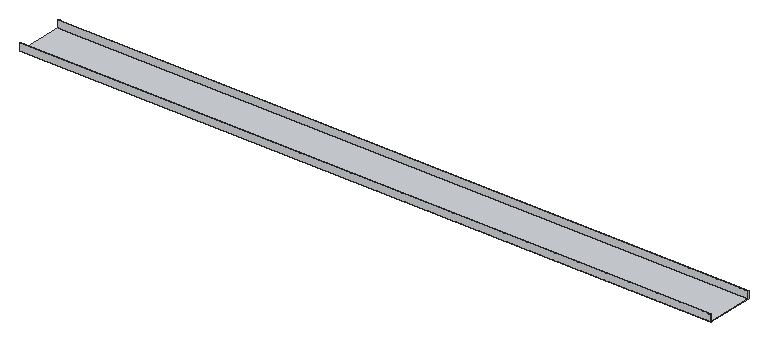
Revit family "CircleTrak (R)", category Structural Framing, Revit 2026
Family settings
  Section Shape = Not Defined
  Material for Model Behavior = Other
  Always export as geometry = No
  Classification Number = 23.25.30.11.14.14
  Always vertical = Yes
  Cut with Voids When Loaded = No
  Symbolic Representation = From Family
  Shared = No
  Show family pre-cut in plan views = Yes
Parameters (values of type "800CTR125-33")
  Version = "2.0"
  URL = "http://www.steelnetwork.com/product.aspx/CircleTrak"
  T = 0.0346"
  Stud_D = 8.0000"
  Manufacturer = "The Steel Network, Inc."
  Length [instance] = 120.0000"
  D = 8.1460"
  B = 1.2500"
Types (5): name | Stud_D | D
  (no name) | 8.0000" | 8.1460"
  362CT125-33 | 3.6250" | 3.7710"
  400CT125-33 | 4.0000" | 4.1460"
  600CT125-33 | 6.0000" | 6.1460"
  800CTR125-33 | 8.0000" | 8.1460"
Reference planes (in)
  plane 1 "Center (Front/Back)": y = 0
  plane 2 "Center El.": z = 0
  plane 3 "Center (Left/Right)": x = 0
  plane 4 "Left": x = -60
  plane 5 "Right": x = 60
  plane 6: z = 0
  plane 7: z = 1.25
  plane 8: y = -4.073
  plane 9: y = 4.073
Forms (in)
  Extrusion 1, solid
    sketch origin (60, 0, 0) x (0, -1, 0) y (0, 0, 1)
      loop
        line (4.073, 1.25) -> (4.0384, 1.25) -> (4.0384, 0.0346) -> (-4.0384, 0.0346) -> (-4.0384, 1.25) -> (-4.073, 1.25) -> (-4.073, 0) -> (4.073, 0) -> (4.073, 1.25)
    from 0 to 120
Lines and regions (in)
  model lines, style "Stick Symbols", detail levels coarse
    curve 1: line (-60, 0, 0) -> (60, 0, 0)
Dimensions and locks (in)
  equal spacing: plane 4 "Left", plane 3 "Center (Left/Right)", plane 5 "Right"
  "Length": plane 4 "Left" to plane 5 "Right"
  equal spacing: plane 8, plane 1 "Center (Front/Back)", plane 9
  "D": plane 8 to plane 9
  "B": plane 7 to plane 6
  "T": Extrusion 1 to plane 6
  "T": plane 8 to Extrusion 1
  "T": Extrusion 1 to plane 9
  aligned and locked: plane 1 "Center (Front/Back)" to curve 1
  aligned and locked: Extrusion 1 to plane 6
  aligned and locked: plane 9 to Extrusion 1
  aligned and locked: Extrusion 1 to plane 8
  aligned and locked: Extrusion 1 to plane 5 "Right"
  aligned and locked: plane 4 "Left" to Extrusion 1
Automatic sketch dimensions
  curve 1 to plane 4 "Left" = 0.0000"
  curve 1 to plane 5 "Right" = 0.0000"
  Extrusion 1 sketch curve to plane 7 = 0.0000"  (x2)
  Extrusion 1 sketch curve to plane 9 = 0.0000"
  Extrusion 1 sketch curve to plane 6 = 0.0000"
  Extrusion 1 sketch curve to plane 8 = 0.0000"
  Extrusion 1 sketch curve to plane 9 = 0.0346"
  Extrusion 1 sketch curve to Extrusion 1 sketch curve = 0.0346"
  plane 6 to Extrusion 1 sketch curve = 0.0346"
